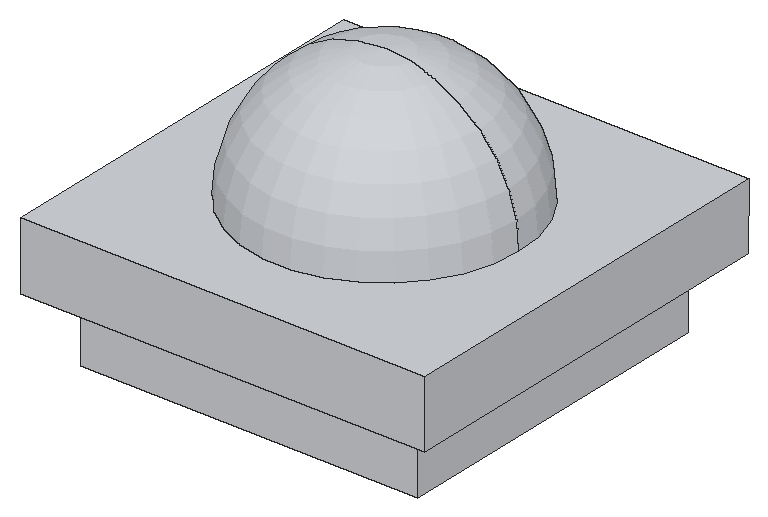
Revit family "Button for Buzzer", category Communication Devices, host Face, Revit 2025
Family settings
  Host = Face
  Round Connector Dimension = Use Diameter
  Part Type = Normal
  Cut with Voids When Loaded = No
  Maintain Annotation Orientation = Yes
  Shared = No
  Room Calculation Point = No
Parameters (values of type "Wall Mounted")
  Width = 3"
  Wall Mounted = not(Face Mounted)  # yes
  Symbol Distance [instance] = 0"
  Rotate Symbol [instance] = no
  Height = 3"
  Face Mounted = no
  Depth = 1/2"
  Default Elevation = 48"
  Back Width = Width - Back Margin  # 2 1/2"
  Back Margin = 1/2"
  Back Height = Height - Back Margin  # 2 1/2"
Types (2): name | Wall Mounted | Face Mounted
  Face Mounted | no | yes
  Wall Mounted | yes | no
Reference planes (in)
  plane 1 "Center (Front/Back)": y = 0
  plane 2: z = 0
  plane 3 "Center (Left/Right)": x = 0
  plane 4: z = 0.5
Forms (in)
  Extrusion 1, solid, detail levels medium+fine
    sketch origin (0, 0, -0.5) x (-1, 0, 0) y (0, -1, 0)
      loop
        line (1.5, -1.5) -> (1.5, 1.5) -> (-1.5, 1.5) -> (-1.5, -1.5) -> (1.5, -1.5)
    from 0.5 to 1
  Revolve 2, solid
    sketch origin (0, 0, 0) x (1, 0, 0) y (0, 0, 1)
      loop
        line (0, 0.5) -> (1, 0.5)
        arc (1, 0.5) -> (0.70711, 1.20711) -> (0, 1.5) r 1
        line (0, 1.5) -> (0, 0.5)
      axis (0, 1.5) -> (0, 0.5)
    angle from 0 to 360
  Extrusion 3, solid
    sketch origin (0, 0, 0) x (1, 0, 0) y (0, 1, 0)
      loop
        line (-1.25, 1.25) -> (-1.25, -1.25) -> (1.25, -1.25) -> (1.25, 1.25) -> (-1.25, 1.25)
    from 0 to -0.5
Dimensions and locks (in)
  equal spacing: Extrusion 1 sketch curve, plane 3 "Center (Left/Right)", Extrusion 1 sketch curve
  "Width": Extrusion 1 sketch curve to Extrusion 1 sketch curve
  "Height": Extrusion 1 sketch curve to Extrusion 1 sketch curve
  equal spacing: Extrusion 1 sketch curve, plane 1 "Center (Front/Back)", Extrusion 1 sketch curve
  "Depth": plane 4 to plane 2
  equal spacing: Extrusion 3 sketch curve, plane 3 "Center (Left/Right)", Extrusion 3 sketch curve
  equal spacing: Extrusion 3 sketch curve, plane 1 "Center (Front/Back)", Extrusion 3 sketch curve
  "Back Height": Extrusion 3 sketch curve to Extrusion 3 sketch curve
  "Back Width": Extrusion 3 sketch curve to Extrusion 3 sketch curve
  aligned and locked: plane 2 to host face
  aligned and locked: level to host face
  aligned and locked: plane 4 to Extrusion 1
  aligned and locked: Extrusion 1 to level
Automatic sketch dimensions
  host sketch curve to host sketch curve = 96"  (x2)
  Revolve 2 sketch curve to plane 3 "Center (Left/Right)" = 0"  (x2)
  Revolve 2 sketch curve to plane 4 = 0"
  plane 3 "Center (Left/Right)" to Revolve 2 sketch curve = 1"
  Revolve 2 sketch curve to Revolve 2 sketch curve = 0.24195"
  Revolve 2 sketch curve to Revolve 2 sketch curve = 0.64345"
Nested families (in)
  nested 1: "Face Mounted" at (0, 0, 0), visible <- "Face Mounted", type "Standard"
  nested 2: "Wall Mounted" at (0, 0, 0), visible <- "Wall Mounted", type "Standard"
Connectors (in)
  electrical at (0, 0, 0.5)
    settings: on Extrusion 1, index 1, voltage 0 V, apparent load 0 VA, apparent load phase1 0 VA, apparent load phase2 0 VA, apparent load phase3 0 VA, power factor 1, load classification "Other", number of poles 1, system type 31, power factor state 1, is connector primary yes, connector utility no, sub classification motor no, connector description ""
Definition of nested family "Face Mounted"
  Parameters (values of type "Standard")
    Rotate = no
    Not Rotate = not(Rotate)  # yes
  Reference planes (in)
    plane 1: y = 0
    plane 2: x = 0
  Lines and regions (in)
    detail lines
      curve 1: circle (0, 0, 0) r 0.125 normal (0, 0, 1)
  Text (in)
    text "B" at (0.00488, 0.0006, 0), visible <- "Not Rotate"
    text "B" at (0.00488, 0.00841, 0), visible <- "Rotate"
Definition of nested family "Wall Mounted"
  Parameters (values of type "Standard")
    Symbol Distance = 0"
    Rotate = no
    Not Rotate = not(Rotate)  # yes
  Reference planes (in)
    plane 1: y = 0
    plane 2: x = 0
  Lines and regions (in)
    detail lines
      curve 1: circle (0, 0.125, 0) r 0.125 normal (0, 0, 1)
    reference lines
      curve 2: line (-0.1189, 0, 0) -> (0.1311, 0, 0)
    detail lines, not visible
      curve 3: circle (0, 0.125, 0) r 0.125 normal (0, 0, 1)
    reference lines, not visible
      curve 4: line (-0.1189, 0, 0) -> (0.1311, 0, 0)
  Text (in)
    text "B" at (0.00488, 0.12169, 0), visible <- "Not Rotate"
    text "B" at (0.00488, 0.12169, 0), not visible
    text "B" at (0.00879, 0.12951, 0), visible <- "Rotate"
    text "B" at (0.00879, 0.12951, 0), not visible
  Dimensions and locks (in)
    "Symbol Distance": plane 1 to curve 2
